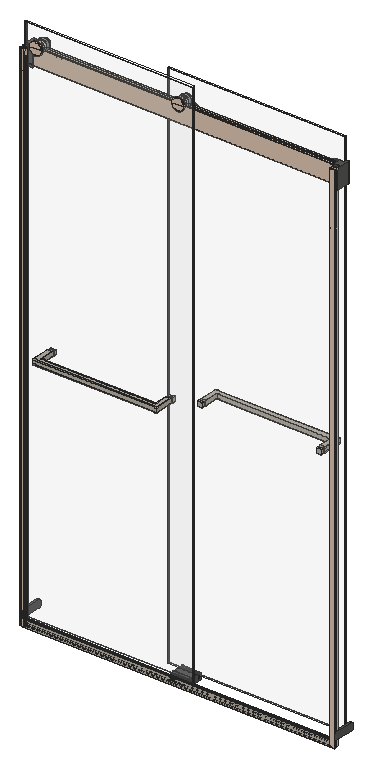
Revit family "Shower-Shower_Door-KOHLER-Levity-K-706017_1", category Specialty Equipment, host Face, Revit 2021 (continued)
Definition of nested family "K-706017"
  Dimensions and locks
    locked: Masking region 5 sketch curve to plane 18 "Slider3" at 86.807
    locked: plane 34 to plane 28 at 683.56
    locked: Masking region 5 sketch curve to Masking region 5 sketch curve at 19
    locked: Masking region 5 sketch curve to Masking region 5 sketch curve at 19.299
    plane 8 to Extrusion 10 to Masking region 4 sketch curve = 22.16345" locked, 2.77671" locked
    locked: Masking region 4 sketch curve to Masking region 4 sketch curve at 19.84
    locked: plane 40 to level at 26.466
    plane 12 to level = 81.65709"
    locked: plane 12 to plane 15 "B" at 71.258
    locked: plane 12 to plane 37 at 82.383
    locked: plane 12 to plane 14 at 88
    locked: plane 12 to plane 29 at 125.468
    locked: plane 12 to plane 13 at 153
    locked: plane 12 to plane 38 at 84.882
    aligned and locked: plane 2 to level
    aligned and locked: plane 28 to Extrusion 3
    aligned and locked: Revolve 7 sketch curve to plane 16 "Slider1"
    aligned and locked: plane 16 "Slider1" to Revolve 7 sketch curve
    aligned and locked: plane 17 "Slider2" to Revolve 8 sketch curve
    aligned and locked: Revolve 8 sketch curve to plane 17 "Slider2"
    aligned and locked: plane 28 to Extrusion 9
    aligned and locked: plane 7 to Extrusion 14 sketch curve  (x2)
    aligned and locked: Extrusion 15 sketch curve to plane 7
    aligned and locked: plane 7 to Extrusion 16 sketch curve
    aligned and locked: Extrusion 17 to plane 7
    aligned and locked: Extrusion 17 to plane 28
    aligned and locked: Masking region 2 sketch curve to plane 3 "Center (Left/Right)"
    aligned and locked: Masking region 2 sketch curve to plane 28  (x2)
    aligned and locked: Masking region 2 sketch curve to plane 7
    aligned and locked: Masking region 4 sketch curve to plane 7
    aligned and locked: plane 28 to Extrusion 19
    aligned and locked: Extrusion 19 to plane 32
    aligned and locked: Extrusion 20 to plane 32
    aligned and locked: plane 28 to Extrusion 20
    aligned and locked: Sweep 21 sketch curve to plane 22
    aligned and locked: Sweep 22 sketch curve to plane 27
    aligned and locked: Sweep 22 sketch curve to plane 26
    aligned and locked: plane 33 to Sweep 22 sketch curve
    aligned and locked: Masking region 5 sketch curve to Masking region 5 sketch curve  (x4)
    aligned and locked: plane 21 to Extrusion 24 sketch curve
    aligned and locked: plane 19 "Slider4" to Extrusion 24 sketch curve
    aligned and locked: Extrusion 18 to plane 37
    aligned and locked: Extrusion 2 to Extrusion 4
    aligned and locked: Extrusion 1 to plane 38
    aligned and locked: plane 38 to Extrusion 2
    aligned and locked: cut or joined group of Extrusion 14, Extrusion 15 to plane 37
  Automatic sketch dimensions
    plane 8 to Extrusion 1 sketch curve = 0.00797"
    Extrusion 1 sketch curve to Extrusion 1 sketch curve = 0.00029"
    Extrusion 1 sketch curve to Extrusion 1 sketch curve = 0.00617"
    Extrusion 1 sketch curve to Extrusion 1 sketch curve = 0.00645"
    Extrusion 1 sketch curve to Extrusion 1 sketch curve = 0.03863"
    Extrusion 1 sketch curve to Extrusion 1 sketch curve = 0.01479"
    Extrusion 1 sketch curve to Extrusion 1 sketch curve = 0.00249"
    Extrusion 1 sketch curve to Extrusion 1 sketch curve = 0.058"
    Extrusion 1 sketch curve to Extrusion 1 sketch curve = 0.0005"
    Extrusion 1 sketch curve to Extrusion 1 sketch curve = 0.11393"
    Extrusion 1 sketch curve to Extrusion 1 sketch curve = 0.11787"
    Extrusion 1 sketch curve to Extrusion 1 sketch curve = 0.02161"
    Extrusion 1 sketch curve to Extrusion 1 sketch curve = 0.01991"
    Extrusion 1 sketch curve to Extrusion 1 sketch curve = 0.02226"
    Extrusion 1 sketch curve to Extrusion 1 sketch curve = 0.06241"
    Extrusion 1 sketch curve to Extrusion 1 sketch curve = 0.06335"  (x2)
    Extrusion 1 sketch curve to Extrusion 1 sketch curve = 0.00062"
    Extrusion 1 sketch curve to Extrusion 1 sketch curve = 0.00011"
    Extrusion 1 sketch curve to Extrusion 1 sketch curve = 0.02239"  (x2)
    plane 1 "Center (Front/Back)" to Extrusion 1 sketch curve = 0.35872"
    Extrusion 1 sketch curve to Extrusion 1 sketch curve = 0.11246"
    Extrusion 1 sketch curve to Extrusion 1 sketch curve = 0.13589"
    Extrusion 1 sketch curve to Extrusion 1 sketch curve = 0.04857"
    Extrusion 1 sketch curve to Extrusion 1 sketch curve = 0.04984"
    Extrusion 1 sketch curve to Extrusion 1 sketch curve = 0.00647"
    plane 1 "Center (Front/Back)" to Extrusion 1 sketch curve = 0.38494"
    Extrusion 1 sketch curve to Extrusion 1 sketch curve = 0.00638"
    plane 1 "Center (Front/Back)" to Extrusion 1 sketch curve = 0.30462"
    Extrusion 1 sketch curve to Extrusion 1 sketch curve = 0.12288"
    Extrusion 1 sketch curve to Extrusion 1 sketch curve = 0.00238"
    Extrusion 1 sketch curve to Extrusion 1 sketch curve = 0.12684"
    Extrusion 1 sketch curve to Extrusion 1 sketch curve = 0.00269"
    Extrusion 1 sketch curve to Extrusion 1 sketch curve = 0.01419"
    Extrusion 1 sketch curve to Extrusion 1 sketch curve = 0.00678"
    Extrusion 1 sketch curve to Extrusion 1 sketch curve = 0.05475"
    Extrusion 1 sketch curve to Extrusion 1 sketch curve = 0.05479"
    Extrusion 1 sketch curve to Extrusion 1 sketch curve = 0.02879"
    Extrusion 1 sketch curve to Extrusion 1 sketch curve = 0.00618"
    Extrusion 1 sketch curve to Extrusion 1 sketch curve = 0.36788"
    Extrusion 1 sketch curve to Extrusion 1 sketch curve = 0.02011"
    Extrusion 1 sketch curve to Extrusion 1 sketch curve = 0.00895"
    Extrusion 1 sketch curve to Extrusion 1 sketch curve = 0.00195"
    Extrusion 1 sketch curve to Extrusion 1 sketch curve = 0.01471"
    Extrusion 1 sketch curve to Extrusion 1 sketch curve = 0.01476"
    Extrusion 1 sketch curve to Extrusion 1 sketch curve = 0.02476"
    Extrusion 1 sketch curve to Extrusion 1 sketch curve = 0.05487"
    Extrusion 1 sketch curve to Extrusion 1 sketch curve = 0.01045"
    Extrusion 1 sketch curve to Extrusion 1 sketch curve = 0.01877"
    Extrusion 1 sketch curve to Extrusion 1 sketch curve = 0.01407"
    Extrusion 1 sketch curve to Extrusion 1 sketch curve = 0.02954"
    Extrusion 1 sketch curve to Extrusion 1 sketch curve = 0.05501"
    Extrusion 1 sketch curve to Extrusion 1 sketch curve = 0.01697"
    plane 8 to Extrusion 2 sketch curve = 0.00038"
    Extrusion 2 sketch curve to Extrusion 2 sketch curve = 0.03834"
    Extrusion 2 sketch curve to Extrusion 2 sketch curve = 0.0385"
    Extrusion 2 sketch curve to Extrusion 2 sketch curve = 0.00103"
    Extrusion 2 sketch curve to Extrusion 2 sketch curve = 0.03938"
    Extrusion 2 sketch curve to Extrusion 2 sketch curve = 0.60391"
    Extrusion 2 sketch curve to Extrusion 2 sketch curve = 0.00238"
    Extrusion 2 sketch curve to Extrusion 2 sketch curve = 0.00153"
    Extrusion 2 sketch curve to Extrusion 2 sketch curve = 0.00269"
    Extrusion 2 sketch curve to Extrusion 2 sketch curve = 0.10277"
    plane 1 "Center (Front/Back)" to Extrusion 2 sketch curve = 0.93567"
    Extrusion 2 sketch curve to Extrusion 2 sketch curve = 0.01593"
    Extrusion 2 sketch curve to Extrusion 2 sketch curve = 0.42135"
    Extrusion 2 sketch curve to Extrusion 2 sketch curve = 0.52294"
    Extrusion 3 sketch curve to level = 0"  (x2)
    Extrusion 3 sketch curve to level = 0.42599"
    plane 5 "X" to Extrusion 3 sketch curve = 1.87835"
    Extrusion 3 sketch curve to Extrusion 3 sketch curve = 0.02675"
    Extrusion 3 sketch curve to Extrusion 3 sketch curve = 0.0293"
    Extrusion 3 sketch curve to level = 0.01209"
    Extrusion 3 sketch curve to Extrusion 3 sketch curve = 0.02658"
    Extrusion 3 sketch curve to Extrusion 3 sketch curve = 0.0509"
    Extrusion 3 sketch curve to Extrusion 3 sketch curve = 0.00248"
    Extrusion 3 sketch curve to Extrusion 3 sketch curve = 0.00712"
    level to Extrusion 3 sketch curve = 0.01882"
    Extrusion 3 sketch curve to Extrusion 3 sketch curve = 0.04012"
    Extrusion 3 sketch curve to Extrusion 3 sketch curve = 0.01257"
    Extrusion 3 sketch curve to Extrusion 3 sketch curve = 0.02457"
    Extrusion 3 sketch curve to Extrusion 3 sketch curve = 0.07255"
    Extrusion 3 sketch curve to Extrusion 3 sketch curve = 0.04894"
    Extrusion 3 sketch curve to Extrusion 3 sketch curve = 0.08606"
    Extrusion 3 sketch curve to Extrusion 3 sketch curve = 0.04991"
    level to Extrusion 3 sketch curve = 0.04325"
    Extrusion 3 sketch curve to Extrusion 3 sketch curve = 0.07661"
    Extrusion 3 sketch curve to Extrusion 3 sketch curve = 0.10128"
    Extrusion 3 sketch curve to Extrusion 3 sketch curve = 0.00383"
    Extrusion 3 sketch curve to Extrusion 3 sketch curve = 0.01042"
    Extrusion 3 sketch curve to Extrusion 3 sketch curve = 0.05374"
    Extrusion 3 sketch curve to Extrusion 3 sketch curve = 0.00009"
    level to Extrusion 3 sketch curve = 0.01948"
    Extrusion 3 sketch curve to Extrusion 3 sketch curve = 0.03247"
    Extrusion 3 sketch curve to Extrusion 3 sketch curve = 0.06391"
    Extrusion 3 sketch curve to Extrusion 3 sketch curve = 0.0874"
    Extrusion 3 sketch curve to Extrusion 3 sketch curve = 0.00146"  (x2)
    level to Extrusion 3 sketch curve = 0.43167"
    Extrusion 3 sketch curve to Extrusion 3 sketch curve = 0.0183"
    Extrusion 3 sketch curve to Extrusion 3 sketch curve = 0.09236"
    Extrusion 3 sketch curve to Extrusion 3 sketch curve = 0.00017"
    Extrusion 3 sketch curve to Extrusion 3 sketch curve = 0.00612"
    Extrusion 3 sketch curve to Extrusion 3 sketch curve = 0.03416"
    Extrusion 3 sketch curve to Extrusion 3 sketch curve = 0.00971"
    Extrusion 3 sketch curve to Extrusion 3 sketch curve = 0.11533"
    Extrusion 3 sketch curve to Extrusion 3 sketch curve = 0.05488"
    level to Extrusion 3 sketch curve = 0.30194"
    Extrusion 3 sketch curve to Extrusion 3 sketch curve = 0.02299"
    Extrusion 3 sketch curve to Extrusion 3 sketch curve = 0.03031"
    Extrusion 3 sketch curve to Extrusion 3 sketch curve = 0.02854"
    level to Extrusion 3 sketch curve = 0.07617"
    Extrusion 3 sketch curve to Extrusion 3 sketch curve = 0.32298"
    Extrusion 3 sketch curve to Extrusion 3 sketch curve = 0.02136"
    Extrusion 3 sketch curve to Extrusion 3 sketch curve = 0.12996"
    Extrusion 3 sketch curve to Extrusion 3 sketch curve = 0.04273"
    Extrusion 3 sketch curve to Extrusion 3 sketch curve = 0.07691"
    Extrusion 3 sketch curve to Extrusion 3 sketch curve = 0.01585"
    Extrusion 3 sketch curve to Extrusion 3 sketch curve = 0.05121"
    Extrusion 3 sketch curve to Extrusion 3 sketch curve = 0.01069"
    Extrusion 3 sketch curve to Extrusion 3 sketch curve = 0.0014"
    Extrusion 3 sketch curve to Extrusion 3 sketch curve = 0.01314"
    Extrusion 3 sketch curve to Extrusion 3 sketch curve = 0.10024"
    Extrusion 3 sketch curve to Extrusion 3 sketch curve = 0.00018"
    Extrusion 3 sketch curve to Extrusion 3 sketch curve = 0.00078"
    Extrusion 3 sketch curve to Extrusion 3 sketch curve = 0.37921"
    Extrusion 3 sketch curve to Extrusion 3 sketch curve = 0.00381"  (x2)
    Extrusion 3 sketch curve to Extrusion 3 sketch curve = 0.05211"
    Extrusion 3 sketch curve to Extrusion 3 sketch curve = 0.00122"
    Extrusion 3 sketch curve to Extrusion 3 sketch curve = 0.04301"
    Extrusion 3 sketch curve to Extrusion 3 sketch curve = 0.03323"
    Extrusion 3 sketch curve to Extrusion 3 sketch curve = 0.01823"
    Extrusion 3 sketch curve to Extrusion 3 sketch curve = 0.01301"
    Extrusion 3 sketch curve to Extrusion 3 sketch curve = 0.00265"
    Extrusion 3 sketch curve to Extrusion 3 sketch curve = 0.01922"
    Extrusion 3 sketch curve to Extrusion 3 sketch curve = 0.01632"
    Extrusion 3 sketch curve to Extrusion 3 sketch curve = 0.01145"
    Extrusion 3 sketch curve to Extrusion 3 sketch curve = 0"  (x4)
    level to Extrusion 3 sketch curve = 0.06217"
    Extrusion 3 sketch curve to Extrusion 3 sketch curve = 0.03392"
    plane 1 "Center (Front/Back)" to Extrusion 5 sketch curve = 0.8798"
    Extrusion 5 sketch curve to plane 4 = 2.09168"
    Extrusion 5 sketch curve to plane 4 = 2.09154"
    Extrusion 5 sketch curve to Extrusion 5 sketch curve = 1/4"
    level to Extrusion 5 sketch curve = 1.05703"
    level to Extrusion 5 sketch curve = 1.88106"
    plane 5 "X" to Extrusion 9 sketch curve = 3.08635"
    Extrusion 9 sketch curve to Extrusion 9 sketch curve = 0.01963"
    Extrusion 9 sketch curve to Extrusion 9 sketch curve = 0.02424"
    Extrusion 9 sketch curve to Extrusion 9 sketch curve = 0.04665"
    Extrusion 9 sketch curve to Extrusion 9 sketch curve = 0.05546"
    Extrusion 9 sketch curve to plane 14 = 0.11021"
    Extrusion 9 sketch curve to Extrusion 9 sketch curve = 0.02001"
    Extrusion 9 sketch curve to Extrusion 9 sketch curve = 0.03466"
    Extrusion 9 sketch curve to Extrusion 9 sketch curve = 0.02183"
    Extrusion 9 sketch curve to Extrusion 9 sketch curve = 0.00923"
    Extrusion 9 sketch curve to Extrusion 9 sketch curve = 0.14228"
    Extrusion 9 sketch curve to Extrusion 9 sketch curve = 0.01647"
    Extrusion 9 sketch curve to Extrusion 9 sketch curve = 0.03021"
    Extrusion 9 sketch curve to Extrusion 9 sketch curve = 0.07613"
    Extrusion 9 sketch curve to Extrusion 9 sketch curve = 0.06043"
    Extrusion 9 sketch curve to Extrusion 9 sketch curve = 0.02423"
    Extrusion 9 sketch curve to Extrusion 9 sketch curve = 0.06315"
    Extrusion 9 sketch curve to Extrusion 9 sketch curve = 0.09811"
    Extrusion 9 sketch curve to Extrusion 9 sketch curve = 0.04085"
    Extrusion 9 sketch curve to Extrusion 9 sketch curve = 0.14738"
    Extrusion 9 sketch curve to Extrusion 9 sketch curve = 0.00728"
    Extrusion 9 sketch curve to Extrusion 9 sketch curve = 0.10724"
    Extrusion 9 sketch curve to Extrusion 9 sketch curve = 0.01723"
    Extrusion 9 sketch curve to Extrusion 9 sketch curve = 0.01638"  (x2)
    plane 13 to Extrusion 9 sketch curve = 0.31532"
    Extrusion 9 sketch curve to Extrusion 9 sketch curve = 0.00718"
    Extrusion 9 sketch curve to Extrusion 9 sketch curve = 0.08365"
    Extrusion 9 sketch curve to Extrusion 9 sketch curve = 35/256"
    Extrusion 9 sketch curve to Extrusion 9 sketch curve = 0.16877"
    Extrusion 9 sketch curve to Extrusion 9 sketch curve = 1/32"
    Extrusion 9 sketch curve to Extrusion 9 sketch curve = 0.06903"
    Extrusion 9 sketch curve to Extrusion 9 sketch curve = 0.00548"
    Extrusion 9 sketch curve to Extrusion 9 sketch curve = 0.03456"
    Extrusion 9 sketch curve to Extrusion 9 sketch curve = 0.02189"
    Extrusion 9 sketch curve to Extrusion 9 sketch curve = 0.00191"
    Extrusion 9 sketch curve to Extrusion 9 sketch curve = 0.02463"
    Extrusion 9 sketch curve to Extrusion 9 sketch curve = 0.04453"
    Extrusion 9 sketch curve to Extrusion 9 sketch curve = 0.01516"
    Extrusion 9 sketch curve to Extrusion 9 sketch curve = 0.00216"
    Extrusion 9 sketch curve to Extrusion 9 sketch curve = 0.00189"
    Extrusion 9 sketch curve to Extrusion 9 sketch curve = 0.02483"
    Extrusion 9 sketch curve to Extrusion 9 sketch curve = 0.05772"
    Extrusion 9 sketch curve to Extrusion 9 sketch curve = 0.19043"
    Extrusion 9 sketch curve to Extrusion 9 sketch curve = 0.01553"
    Extrusion 9 sketch curve to Extrusion 9 sketch curve = 0.09702"
    plane 5 "X" to Extrusion 9 sketch curve = 3.98354"
    Extrusion 9 sketch curve to Extrusion 9 sketch curve = 0.04256"
    Extrusion 9 sketch curve to Extrusion 9 sketch curve = 0.08846"
    Extrusion 9 sketch curve to Extrusion 9 sketch curve = 0.04951"
    Extrusion 9 sketch curve to Extrusion 9 sketch curve = 0.08607"
    Extrusion 9 sketch curve to Extrusion 9 sketch curve = 0.05687"
    Extrusion 9 sketch curve to Extrusion 9 sketch curve = 0.08904"
    Extrusion 9 sketch curve to Extrusion 9 sketch curve = 0.08249"
    Extrusion 9 sketch curve to Extrusion 9 sketch curve = 0.05633"
    plane 13 to Extrusion 9 sketch curve = 0.31962"
    Extrusion 9 sketch curve to Extrusion 9 sketch curve = 0.00568"
    Extrusion 9 sketch curve to Extrusion 9 sketch curve = 0.38322"
    Extrusion 9 sketch curve to Extrusion 9 sketch curve = 0.09241"
    Extrusion 9 sketch curve to Extrusion 9 sketch curve = 0"
    Extrusion 9 sketch curve to Extrusion 9 sketch curve = 0.01363"
    Extrusion 9 sketch curve to Extrusion 9 sketch curve = 0.0686"
    Extrusion 9 sketch curve to Extrusion 9 sketch curve = 0.06318"
    Extrusion 9 sketch curve to Extrusion 9 sketch curve = 0.04057"
    Extrusion 9 sketch curve to Extrusion 9 sketch curve = 0.05917"
    Extrusion 9 sketch curve to Extrusion 9 sketch curve = 0.05593"
    Extrusion 9 sketch curve to Extrusion 9 sketch curve = 0.11979"
    Extrusion 9 sketch curve to Extrusion 9 sketch curve = 0.00996"
    Extrusion 9 sketch curve to Extrusion 9 sketch curve = 0.01379"
    Extrusion 9 sketch curve to Extrusion 9 sketch curve = 0.0623"
    Extrusion 9 sketch curve to Extrusion 9 sketch curve = 0.12838"
    Extrusion 9 sketch curve to Extrusion 9 sketch curve = 0.03214"
    Extrusion 9 sketch curve to Extrusion 9 sketch curve = 1/256"
    Extrusion 9 sketch curve to Extrusion 9 sketch curve = 0.0462"
    Extrusion 9 sketch curve to Extrusion 9 sketch curve = 0.06479"
    Extrusion 9 sketch curve to Extrusion 9 sketch curve = 0.03783"
    Extrusion 9 sketch curve to Extrusion 9 sketch curve = 0.05916"
    Extrusion 9 sketch curve to Extrusion 9 sketch curve = 0.02232"
    plane 5 "X" to Extrusion 10 sketch curve = 2.18199"
    Extrusion 10 sketch curve to Extrusion 10 sketch curve = 0.0767"
    Extrusion 10 sketch curve to Extrusion 10 sketch curve = 0.02056"
    Extrusion 10 sketch curve to Extrusion 10 sketch curve = 0.02408"
    plane 5 "X" to Extrusion 10 sketch curve = 2.30904"
    Extrusion 10 sketch curve to Extrusion 10 sketch curve = 0.03427"
    level to Extrusion 10 sketch curve = 0.15967"
    Extrusion 10 sketch curve to Extrusion 10 sketch curve = 0.30872"
    Extrusion 10 sketch curve to Extrusion 10 sketch curve = 0.03183"
    Extrusion 10 sketch curve to Extrusion 10 sketch curve = 0.05334"
    Extrusion 10 sketch curve to Extrusion 10 sketch curve = 0.34849"
    Extrusion 10 sketch curve to Extrusion 10 sketch curve = 0.02193"  (x2)
    level to Extrusion 10 sketch curve = 0.22694"
    Extrusion 10 sketch curve to Extrusion 10 sketch curve = 0.05176"
    Extrusion 10 sketch curve to Extrusion 10 sketch curve = 0.08972"
    level to Extrusion 10 sketch curve = 0.13878"
    Extrusion 10 sketch curve to Extrusion 10 sketch curve = 0.19027"
    level to Extrusion 10 sketch curve = 0.21622"
    Extrusion 10 sketch curve to Extrusion 10 sketch curve = 0.0816"
    Extrusion 10 sketch curve to Extrusion 10 sketch curve = 0.41652"
    Extrusion 10 sketch curve to Extrusion 10 sketch curve = 0.05027"
    Extrusion 10 sketch curve to Extrusion 10 sketch curve = 0.03646"
    plane 5 "X" to Extrusion 10 sketch curve = 3.24368"
    Extrusion 10 sketch curve to plane 1 "Center (Front/Back)" = 1.42385"
    Extrusion 10 sketch curve to Extrusion 10 sketch curve = 0.02731"
    Extrusion 10 sketch curve to Extrusion 10 sketch curve = 0.04913"
    Extrusion 10 sketch curve to Extrusion 10 sketch curve = 0.02106"
    level to Extrusion 10 sketch curve = 0.2198"
    Extrusion 10 sketch curve to plane 1 "Center (Front/Back)" = 1.56381"
    Extrusion 10 sketch curve to Extrusion 10 sketch curve = 0.08411"
    Extrusion 10 sketch curve to Extrusion 10 sketch curve = 0.19426"
    Extrusion 10 sketch curve to Extrusion 10 sketch curve = 0.08188"
    Extrusion 10 sketch curve to plane 1 "Center (Front/Back)" = 1.93836"
    Extrusion 10 sketch curve to Extrusion 10 sketch curve = 0.02637"
    Extrusion 10 sketch curve to plane 1 "Center (Front/Back)" = 2 23/256"
    Extrusion 10 sketch curve to Extrusion 10 sketch curve = 0.02645"
    Extrusion 10 sketch curve to level = 0"
    Extrusion 10 sketch curve to plane 1 "Center (Front/Back)" = 2.17082"
    level to Extrusion 10 sketch curve = 0.0926"
    level to Extrusion 10 sketch curve = 0.13999"
    Extrusion 10 sketch curve to Extrusion 10 sketch curve = 0.08047"
    Extrusion 10 sketch curve to Extrusion 10 sketch curve = 0.1279"
    Extrusion 10 sketch curve to Extrusion 10 sketch curve = 0.00854"
    Extrusion 10 sketch curve to Extrusion 10 sketch curve = 0.02484"
    Extrusion 10 sketch curve to Extrusion 10 sketch curve = 0.0289"
    Extrusion 10 sketch curve to Extrusion 10 sketch curve = 0.53755"
    Extrusion 10 sketch curve to Extrusion 10 sketch curve = 0.00035"
    Extrusion 10 sketch curve to Extrusion 10 sketch curve = 0.14019"
    Extrusion 10 sketch curve to Extrusion 10 sketch curve = 0.80916"
    Extrusion 10 sketch curve to Extrusion 10 sketch curve = 0.0011"
    Extrusion 10 sketch curve to Extrusion 10 sketch curve = 0.01903"
    Extrusion 10 sketch curve to Extrusion 10 sketch curve = 0.00889"
    Extrusion 10 sketch curve to Extrusion 10 sketch curve = 0.00011"
    Extrusion 10 sketch curve to Extrusion 10 sketch curve = 0.00046"
    Extrusion 10 sketch curve to Extrusion 10 sketch curve = 3.15459"
    Extrusion 10 sketch curve to Extrusion 10 sketch curve = 0.02757"
    Extrusion 15 sketch curve to plane 6 = 0.08991"
    plane 1 "Center (Front/Back)" to Extrusion 15 sketch curve = 0.2995"
    Extrusion 15 sketch curve to Extrusion 15 sketch curve = 0.6327"
    Extrusion 15 sketch curve to plane 6 = 0"
    Extrusion 15 sketch curve to Extrusion 15 sketch curve = 0.08976"
    plane 1 "Center (Front/Back)" to Extrusion 17 sketch curve = 0.8798"
    level to Extrusion 17 sketch curve = 1.05703"
    Extrusion 17 sketch curve to plane 4 = 2.09168"
    Extrusion 17 sketch curve to Extrusion 17 sketch curve = 0.00013"
    Extrusion 17 sketch curve to Extrusion 17 sketch curve = 1/4"
    Extrusion 17 sketch curve to Extrusion 17 sketch curve = 0.57403"
    Masking region 2 sketch curve to plane 12 = 0"
    plane 14 to Masking region 2 sketch curve = 0.21256"
    level to Masking region 2 sketch curve = 0.07617"
    Masking region 2 sketch curve to level = 0"
    Masking region 2 sketch curve to Masking region 2 sketch curve = 0.2874"
    Masking region 2 sketch curve to Masking region 2 sketch curve = 0.96579"
    plane 8 to Masking region 2 sketch curve = 0.46482"
    Masking region 2 sketch curve to Masking region 2 sketch curve = 0.07617"
    Masking region 1 sketch curve to plane 3 "Center (Left/Right)" = 0"
    Masking region 1 sketch curve to plane 12 = 0"
    Masking region 1 sketch curve to plane 8 = 0"
    plane 8 to Masking region 1 sketch curve = 0.75222"
    plane 8 to Masking region 1 sketch curve = 0.30138"
    plane 14 to Masking region 1 sketch curve = 0.22113"
    level to Masking region 1 sketch curve = 1.04196"
    level to Masking region 1 sketch curve = 0.07617"
    Extrusion 14 sketch curve to plane 6 = 0"
    Extrusion 14 sketch curve to plane 6 = 0.08991"
    Extrusion 14 sketch curve to Extrusion 14 sketch curve = 0.08976"
    Extrusion 14 sketch curve to Extrusion 14 sketch curve = 0.02506"
    plane 1 "Center (Front/Back)" to Extrusion 14 sketch curve = 0.2995"
    Extrusion 14 sketch curve to Extrusion 14 sketch curve = 0.01117"
    Extrusion 14 sketch curve to Extrusion 14 sketch curve = 0.45303"
    Extrusion 14 sketch curve to Extrusion 14 sketch curve = 0.07874"
    plane 8 to Extrusion 18 sketch curve = 0.75178"
    plane 8 to Extrusion 18 sketch curve = 0"
    plane 1 "Center (Front/Back)" to Extrusion 18 sketch curve = 0.29537"
    Extrusion 18 sketch curve to Extrusion 18 sketch curve = 0.63321"
    Extrusion 19 sketch curve to level = 0"
    level to Extrusion 19 sketch curve = 0.07617"
    Extrusion 19 sketch curve to Extrusion 19 sketch curve = 1.04196"
    plane 1 "Center (Front/Back)" to Extrusion 19 sketch curve = 0.13441"
    Extrusion 19 sketch curve to Extrusion 19 sketch curve = 0.29353"
    Extrusion 19 sketch curve to Extrusion 19 sketch curve = 0.3995"
    Extrusion 20 sketch curve to plane 13 = 0"
    Extrusion 20 sketch curve to plane 14 = 0"
    Extrusion 20 sketch curve to plane 1 "Center (Front/Back)" = 1.29674"
    Extrusion 20 sketch curve to plane 1 "Center (Front/Back)" = 0.35381"
    Extrusion 23 sketch curve to plane 22 = 0.39503"
    plane 23 to Extrusion 23 sketch curve = 0.30616"
    Extrusion 23 sketch curve to plane 1 "Center (Front/Back)" = 0.09791"
    plane 1 "Center (Front/Back)" to Extrusion 23 sketch curve = 0.28309"
    plane 31 to Extrusion 24 sketch curve = 0.12131"
    Extrusion 24 sketch curve to plane 31 = 0.25969"
    plane 29 to Revolve 12 sketch curve = 0"  (x2)
    Revolve 12 sketch curve to plane 29 = 0.09308"
    Revolve 12 sketch curve to plane 29 = 0.52573"
    Revolve 12 sketch curve to Revolve 12 sketch curve = 0.02173"
    Revolve 12 sketch curve to Revolve 12 sketch curve = 0.12189"
    Revolve 12 sketch curve to Revolve 12 sketch curve = 0.56604"
    Revolve 12 sketch curve to Revolve 12 sketch curve = 0.02902"
    Revolve 12 sketch curve to Revolve 12 sketch curve = 0.03311"
    plane 31 to Revolve 12 sketch curve = 0.12131"
    Revolve 12 sketch curve to Revolve 12 sketch curve = 0.16338"
    Revolve 12 sketch curve to Revolve 12 sketch curve = 0.03346"
    Revolve 12 sketch curve to Revolve 12 sketch curve = 0.03455"
    Revolve 12 sketch curve to plane 30 = 0.14309"
    Revolve 12 sketch curve to Revolve 12 sketch curve = 0.23502"
    Revolve 12 sketch curve to Revolve 12 sketch curve = 0.00185"
    Revolve 12 sketch curve to plane 30 = 0.18463"
    Revolve 12 sketch curve to Revolve 12 sketch curve = 0.04153"
    Revolve 12 sketch curve to Revolve 12 sketch curve = 0.12599"
    Revolve 12 sketch curve to Revolve 12 sketch curve = 0.03969"
    Revolve 12 sketch curve to plane 31 = 0.25969"
    Revolve 12 sketch curve to Revolve 12 sketch curve = 0.19059"
    Revolve 12 sketch curve to Revolve 12 sketch curve = 0.12547"
    Revolve 12 sketch curve to Revolve 12 sketch curve = 0.18787"
    Revolve 12 sketch curve to Revolve 12 sketch curve = 0.28233"
    Revolve 12 sketch curve to Revolve 12 sketch curve = 0.00025"
    Revolve 12 sketch curve to Revolve 12 sketch curve = 0.03112"
    plane 30 to Revolve 12 sketch curve = 0.04386"
    Revolve 12 sketch curve to Revolve 12 sketch curve = 0.51082"
    plane 29 to Revolve 11 sketch curve = 0"  (x2)
    Revolve 11 sketch curve to plane 29 = 0.09308"
    Revolve 11 sketch curve to plane 29 = 0.52573"
    Revolve 11 sketch curve to Revolve 11 sketch curve = 0.02173"
    Revolve 11 sketch curve to Revolve 11 sketch curve = 0.12189"
    Revolve 11 sketch curve to Revolve 11 sketch curve = 0.56604"
    Revolve 11 sketch curve to Revolve 11 sketch curve = 0.02902"
    Revolve 11 sketch curve to Revolve 11 sketch curve = 0.18402"
    Revolve 11 sketch curve to Revolve 11 sketch curve = 0.16338"
    Revolve 11 sketch curve to Revolve 11 sketch curve = 0.03455"
    Revolve 11 sketch curve to Revolve 11 sketch curve = 0.03346"
    Revolve 11 sketch curve to plane 30 = 0.14309"
    Revolve 11 sketch curve to Revolve 11 sketch curve = 0.23502"
    Revolve 11 sketch curve to Revolve 11 sketch curve = 0.00185"
    Revolve 11 sketch curve to plane 30 = 0.18463"
    Revolve 11 sketch curve to Revolve 11 sketch curve = 0.04153"
    Revolve 11 sketch curve to Revolve 11 sketch curve = 0.12599"
    Revolve 11 sketch curve to Revolve 11 sketch curve = 0.03969"
    Revolve 11 sketch curve to plane 31 = 0.25969"
    plane 31 to Revolve 11 sketch curve = 0.12131"
    Revolve 11 sketch curve to Revolve 11 sketch curve = 0.19059"
    Revolve 11 sketch curve to Revolve 11 sketch curve = 0.12547"
    Revolve 11 sketch curve to Revolve 11 sketch curve = 0.18787"
    Revolve 11 sketch curve to Revolve 11 sketch curve = 0.28233"
    Revolve 11 sketch curve to Revolve 11 sketch curve = 0.00025"
    Revolve 11 sketch curve to Revolve 11 sketch curve = 0.03112"
    plane 30 to Revolve 11 sketch curve = 0.04386"
    Revolve 11 sketch curve to Revolve 11 sketch curve = 0.51082"
    plane 31 to Revolve 8 sketch curve = 0.51392"
    Revolve 8 sketch curve to Revolve 8 sketch curve = 0.01143"
    Revolve 8 sketch curve to Revolve 8 sketch curve = 0.03087"
    Revolve 8 sketch curve to Revolve 8 sketch curve = 0.04256"
    Revolve 8 sketch curve to Revolve 8 sketch curve = 0.28258"
    Revolve 8 sketch curve to Revolve 8 sketch curve = 0.18787"  (x2)
    Revolve 8 sketch curve to Revolve 8 sketch curve = 0.12547"
    Revolve 8 sketch curve to plane 1 "Center (Front/Back)" = 0.09791"
    plane 17 "Slider2" to Revolve 8 sketch curve = 0.09308"
    plane 1 "Center (Front/Back)" to Revolve 8 sketch curve = 0.28309"
    Revolve 8 sketch curve to Revolve 8 sketch curve = 0.29368"
    Revolve 8 sketch curve to Revolve 8 sketch curve = 0.03969"
    Revolve 8 sketch curve to Revolve 8 sketch curve = 0.12599"
    Revolve 8 sketch curve to Revolve 8 sketch curve = 0.04153"  (x2)
    plane 17 "Slider2" to Revolve 8 sketch curve = 0.52573"
    Revolve 8 sketch curve to Revolve 8 sketch curve = 0.02173"
    Revolve 8 sketch curve to Revolve 8 sketch curve = 0.54367"
    Revolve 8 sketch curve to Revolve 8 sketch curve = 0.12189"
    Revolve 8 sketch curve to Revolve 8 sketch curve = 0.03311"
    Revolve 8 sketch curve to Revolve 8 sketch curve = 0.16338"
    Revolve 8 sketch curve to Revolve 8 sketch curve = 0.03346"
    Revolve 8 sketch curve to Revolve 8 sketch curve = 0.22969"
    Revolve 8 sketch curve to Revolve 8 sketch curve = 0.00185"
    Revolve 8 sketch curve to Revolve 8 sketch curve = 0.16742"
    Revolve 8 sketch curve to Revolve 8 sketch curve = 0.51082"
    profile plane to Sweep 22 sketch curve = 0.75275"
    Sweep 22 sketch curve to Sweep 22 sketch curve = 0.05"  (x2)
    profile plane to Sweep 22 sketch curve = 0.05275"  (x2)
    profile plane to Sweep 22 sketch curve = 0.00275"
    Sweep 22 sketch curve to plane 11 "A" = 0.37402"
    plane 11 "A" to Sweep 22 sketch curve = 0.32402"
    Sweep 21 sketch curve to profile plane = 0.03031"
    Sweep 21 sketch curve to Sweep 21 sketch curve = 0.05"  (x3)
    Sweep 21 sketch curve to plane 11 "A" = 0.32402"
    Sweep 21 sketch curve to Sweep 21 sketch curve = 0.65"
    plane 11 "A" to Sweep 21 sketch curve = 0.32402"
    Sweep 21 sketch curve to Sweep 21 sketch curve = 0"
    Extrusion 6 sketch curve to plane 1 "Center (Front/Back)" = 0.03791"  (x2)
    Extrusion 6 sketch curve to plane 32 = 0.17545"
    Extrusion 6 sketch curve to Extrusion 6 sketch curve = 0.06"  (x4)
    Extrusion 6 sketch curve to plane 3 "Center (Left/Right)" = 0.07208"  (x2)
    Extrusion 6 sketch curve to plane 3 "Center (Left/Right)" = 0.01208"
    plane 1 "Center (Front/Back)" to Extrusion 6 sketch curve = 0.22309"  (x2)
    Extrusion 13 sketch curve to plane 34 = 0"
    Extrusion 13 sketch curve to plane 28 = 0.09385"
    Extrusion 13 sketch curve to plane 31 = 0.25969"
    Extrusion 13 sketch curve to plane 28 = 0.03385"
    Extrusion 13 sketch curve to Extrusion 13 sketch curve = 0.06"  (x4)
    plane 31 to Extrusion 13 sketch curve = 0.06131"  (x2)
    plane 34 to Extrusion 13 sketch curve = 0.06"  (x2)
    plane 31 to Revolve 7 sketch curve = 0.51392"
    Revolve 7 sketch curve to Revolve 7 sketch curve = 0.01143"
    Revolve 7 sketch curve to Revolve 7 sketch curve = 0.03087"
    Revolve 7 sketch curve to Revolve 7 sketch curve = 0.04256"
    Revolve 7 sketch curve to Revolve 7 sketch curve = 0.28258"
    Revolve 7 sketch curve to Revolve 7 sketch curve = 0.18787"  (x2)
    Revolve 7 sketch curve to Revolve 7 sketch curve = 0.12547"
    Revolve 7 sketch curve to plane 1 "Center (Front/Back)" = 0.09791"
    Revolve 7 sketch curve to plane 36 = 0.1905"
    Revolve 7 sketch curve to Revolve 7 sketch curve = 0.30978"
    Revolve 7 sketch curve to Revolve 7 sketch curve = 0.03969"
    Revolve 7 sketch curve to Revolve 7 sketch curve = 0.12599"
    Revolve 7 sketch curve to Revolve 7 sketch curve = 0.51699"
    plane 16 "Slider1" to Revolve 7 sketch curve = 0.09308"
    plane 16 "Slider1" to Revolve 7 sketch curve = 0.52573"
    Revolve 7 sketch curve to Revolve 7 sketch curve = 0.02173"
    Revolve 7 sketch curve to Revolve 7 sketch curve = 0.12189"
    Revolve 7 sketch curve to Revolve 7 sketch curve = 0.56604"
    Revolve 7 sketch curve to Revolve 7 sketch curve = 0.03311"
    Revolve 7 sketch curve to Revolve 7 sketch curve = 0.16338"
    Revolve 7 sketch curve to Revolve 7 sketch curve = 0.03346"
    Revolve 7 sketch curve to Revolve 7 sketch curve = 0.23502"
    Revolve 7 sketch curve to Revolve 7 sketch curve = 0.00185"
    Revolve 7 sketch curve to Revolve 7 sketch curve = 0.04153"
    Revolve 7 sketch curve to Revolve 7 sketch curve = 0.1828"
    Revolve 7 sketch curve to Revolve 7 sketch curve = 0.32801"
    plane 31 to Sweep 22 sketch curve = 0.41272"  (x2)
    Sweep 21 sketch curve to plane 23 = 0"
    Sweep 21 sketch curve to plane 35 = 0.03085"
    Sweep 21 sketch curve to plane 1 "Center (Front/Back)" = 0.35381"  (x2)
    Extrusion 4 sketch curve to plane 8 = 0"
    plane 8 to Extrusion 4 sketch curve = 0.02216"
    plane 8 to Extrusion 4 sketch curve = 0.0385"
    plane 8 to Extrusion 4 sketch curve = 0.03938"
    Extrusion 4 sketch curve to plane 32 = 0.17873"
    Extrusion 4 sketch curve to Extrusion 4 sketch curve = 0.00076"
    Extrusion 4 sketch curve to plane 32 = 0.16459"
    Extrusion 4 sketch curve to Extrusion 4 sketch curve = 0.00042"
    Extrusion 4 sketch curve to plane 32 = 37/256"
    Extrusion 4 sketch curve to plane 32 = 0.1439"
    Extrusion 4 sketch curve to Extrusion 4 sketch curve = 0.02069"
    Extrusion 4 sketch curve to Extrusion 4 sketch curve = 0.02106"
    Extrusion 4 sketch curve to Extrusion 4 sketch curve = 0.02476"
    Extrusion 4 sketch curve to Extrusion 4 sketch curve = 0.00044"  (x3)
    plane 32 to Extrusion 4 sketch curve = 0.50045"
    plane 32 to Extrusion 4 sketch curve = 0.50047"
    plane 31 to Extrusion 4 sketch curve = 0.25084"
    Extrusion 4 sketch curve to plane 1 "Center (Front/Back)" = 0.2713"
    Extrusion 4 sketch curve to Extrusion 4 sketch curve = 0.0252"
    plane 31 to Extrusion 4 sketch curve = 0.23995"
    Extrusion 4 sketch curve to plane 31 = 0.11015"
    Extrusion 4 sketch curve to plane 31 = 0.11427"
    Extrusion 4 sketch curve to plane 1 "Center (Front/Back)" = 0.26047"
    Extrusion 4 sketch curve to plane 36 = 0.18577"
    Extrusion 4 sketch curve to plane 36 = 0.22549"
    Extrusion 16 sketch curve to Extrusion 16 sketch curve = 0.02858"
    Extrusion 16 sketch curve to Extrusion 16 sketch curve = 0.02874"  (x2)
    Extrusion 16 sketch curve to Extrusion 16 sketch curve = 0.00037"
    plane 28 to Extrusion 16 sketch curve = 0.01857"
    Extrusion 16 sketch curve to plane 28 = 0.01017"
    Extrusion 16 sketch curve to plane 28 = 0.01483"
    Extrusion 16 sketch curve to plane 28 = 0.01521"
    Extrusion 16 sketch curve to plane 28 = 0.03841"
    Extrusion 16 sketch curve to plane 28 = 0.04357"
    Extrusion 16 sketch curve to Extrusion 16 sketch curve = 0.04554"
    Extrusion 16 sketch curve to Extrusion 16 sketch curve = 0.00081"
    plane 6 to Extrusion 16 sketch curve = 0.24018"
    Extrusion 16 sketch curve to Extrusion 16 sketch curve = 0.0005"
    plane 6 to Extrusion 16 sketch curve = 0.24738"
    Extrusion 16 sketch curve to Extrusion 16 sketch curve = 0.00038"
    Extrusion 16 sketch curve to Extrusion 16 sketch curve = 0.02153"
    Extrusion 16 sketch curve to plane 31 = 0.12939"
    Extrusion 16 sketch curve to plane 31 = 0.12535"
    plane 31 to Extrusion 16 sketch curve = 0.20091"
    plane 31 to Extrusion 16 sketch curve = 0.25719"
    Extrusion 16 sketch curve to plane 1 "Center (Front/Back)" = 0.29269"
    Extrusion 16 sketch curve to plane 1 "Center (Front/Back)" = 0.25326"
    Extrusion 16 sketch curve to plane 36 = 0.14755"
    Masking region 4 sketch curve to plane 28 = 0"
    Masking region 4 sketch curve to plane 6 = 0"
    Masking region 4 sketch curve to plane 3 "Center (Left/Right)" = 0"
    Masking region 4 sketch curve to plane 23 = 0"
    Masking region 4 sketch curve to plane 22 = 0"
    Masking region 4 sketch curve to plane 30 = 0"  (x2)
    Masking region 4 sketch curve to plane 8 = 0"
    Masking region 4 sketch curve to plane 35 = 0"
    plane 28 to Masking region 4 sketch curve = 0.00323"
    Masking region 4 sketch curve to plane 28 = 0.01017"
    Masking region 4 sketch curve to plane 28 = 0.03841"
    Masking region 4 sketch curve to Masking region 4 sketch curve = 0.0005"  (x2)
    Masking region 4 sketch curve to plane 28 = 0.04357"
    Masking region 4 sketch curve to Masking region 4 sketch curve = 0.04554"
    Masking region 4 sketch curve to Masking region 4 sketch curve = 0.04635"
    Masking region 4 sketch curve to plane 6 = 0.08976"
    plane 6 to Masking region 4 sketch curve = 0.24018"
    plane 6 to Masking region 4 sketch curve = 0.24738"
    Masking region 4 sketch curve to Masking region 4 sketch curve = 0.00038"
    Masking region 4 sketch curve to Masking region 4 sketch curve = 0.02874"
    Masking region 4 sketch curve to Masking region 4 sketch curve = 0.02153"
    Masking region 4 sketch curve to plane 3 "Center (Left/Right)" = 0.06"
    Masking region 4 sketch curve to plane 3 "Center (Left/Right)" = 0.30491"
    plane 21 to Masking region 4 sketch curve = 0.112"
    Masking region 4 sketch curve to plane 1 "Center (Front/Back)" = 0.09791"  (x4)
    Masking region 4 sketch curve to plane 21 = 0.4061"
    plane 20 to Masking region 4 sketch curve = 0.40531"
    plane 20 to Masking region 4 sketch curve = 0.4029"
    plane 22 to Masking region 4 sketch curve = 0.03031"
    Masking region 4 sketch curve to plane 1 "Center (Front/Back)" = 0.30805"
    Masking region 4 sketch curve to plane 22 = 0.66421"
    Masking region 4 sketch curve to Masking region 4 sketch curve = 0.16338"  (x2)
    plane 16 "Slider1" to Masking region 4 sketch curve = 0.54747"
    plane 32 to Masking region 4 sketch curve = 0.52567"  (x2)
    Masking region 4 sketch curve to plane 1 "Center (Front/Back)" = 0.2713"
    Masking region 4 sketch curve to Masking region 4 sketch curve = 0.02476"
    plane 31 to Masking region 4 sketch curve = 0.25084"
    Masking region 4 sketch curve to Masking region 4 sketch curve = 0.02478"
    Masking region 4 sketch curve to Masking region 4 sketch curve = 0.00044"  (x2)
    plane 32 to Masking region 4 sketch curve = 0.28813"
    Masking region 4 sketch curve to Masking region 4 sketch curve = 0.10428"
    Masking region 4 sketch curve to Masking region 4 sketch curve = 0.00273"
    Masking region 4 sketch curve to plane 32 = 0.11399"  (x2)
    plane 8 to Masking region 4 sketch curve = 0.03975"
    plane 8 to Masking region 4 sketch curve = 0.03872"
    Masking region 4 sketch curve to plane 30 = 0.38094"
    Masking region 4 sketch curve to plane 31 = 0.12555"
    plane 31 to Masking region 4 sketch curve = 0.20091"
    plane 31 to Masking region 4 sketch curve = 0.24011"
    plane 31 to Masking region 4 sketch curve = 0.25719"
    plane 31 to Masking region 4 sketch curve = 0.35134"  (x2)
    Masking region 4 sketch curve to plane 1 "Center (Front/Back)" = 0.35395"
    Masking region 4 sketch curve to plane 1 "Center (Front/Back)" = 0.35381"
    Masking region 4 sketch curve to Masking region 4 sketch curve = 0.25589"  (x2)
    Masking region 4 sketch curve to Masking region 4 sketch curve = 0.04575"
    Masking region 4 sketch curve to Masking region 4 sketch curve = 0.06126"
    Masking region 4 sketch curve to Masking region 4 sketch curve = 0.16266"
    Masking region 4 sketch curve to plane 1 "Center (Front/Back)" = 0.25326"
    Masking region 4 sketch curve to plane 1 "Center (Front/Back)" = 0.03791"
    Masking region 4 sketch curve to plane 36 = 0.0384"
    Masking region 4 sketch curve to plane 36 = 0.73485"  (x3)
    Masking region 4 sketch curve to Masking region 4 sketch curve = 1/256"
    Masking region 4 sketch curve to Masking region 4 sketch curve = 0.01392"
    Masking region 4 sketch curve to Masking region 4 sketch curve = 0.05526"
    Masking region 4 sketch curve to Masking region 4 sketch curve = 0.03936"
    plane 5 "X" to Masking region 4 sketch curve = 0.42908"
    Masking region 4 sketch curve to Masking region 4 sketch curve = 0"
    Masking region 5 sketch curve to plane 26 = 0"  (x2)
    Masking region 5 sketch curve to plane 27 = 0"  (x2)
    plane 33 to Masking region 5 sketch curve = 0"
    Masking region 5 sketch curve to plane 30 = 0.18516"
    plane 26 to Masking region 5 sketch curve = 0.4388"
    Masking region 5 sketch curve to Masking region 5 sketch curve = 0.04022"  (x3)
    Masking region 5 sketch curve to plane 30 = 0.14309"  (x2)
    Masking region 5 sketch curve to Masking region 5 sketch curve = 0.04207"  (x3)
    plane 31 to Masking region 5 sketch curve = 0.12131"  (x4)
    plane 26 to Masking region 5 sketch curve = 0.66416"
    Masking region 5 sketch curve to Masking region 5 sketch curve = 0.23686"  (x2)
    Masking region 5 sketch curve to Masking region 5 sketch curve = 0.16338"  (x4)
    Masking region 5 sketch curve to plane 19 "Slider4" = 0.54747"
    Masking region 5 sketch curve to plane 19 "Slider4" = 0.65912"
    Masking region 5 sketch curve to Masking region 5 sketch curve = 0.23502"
    Masking region 5 sketch curve to Masking region 5 sketch curve = 0.00185"
    Masking region 5 sketch curve to plane 28 = 0.09385"  (x2)
    Masking region 5 sketch curve to plane 28 = 0.03385"
    Masking region 5 sketch curve to plane 25 = 0.37303"  (x2)
    Masking region 5 sketch curve to Masking region 5 sketch curve = 0.03968"  (x4)
    Masking region 5 sketch curve to Masking region 5 sketch curve = 0.04153"  (x4)
    Masking region 5 sketch curve to Masking region 5 sketch curve = 0.27655"
    Masking region 5 sketch curve to plane 30 = 0.3503"
    plane 34 to Masking region 5 sketch curve = 0.06"  (x2)
    Masking region 5 sketch curve to plane 4 = 0.45643"
    Masking region 5 sketch curve to Masking region 5 sketch curve = 0.12492"  (x2)
    Masking region 5 sketch curve to Masking region 5 sketch curve = 0.126"
    Masking region 5 sketch curve to plane 31 = 0.25969"  (x5)
    Masking region 5 sketch curve to Masking region 5 sketch curve = 0.06"  (x3)
    plane 31 to Masking region 5 sketch curve = 0.06131"  (x2)
    Masking region 5 sketch curve to Masking region 5 sketch curve = 0.19059"  (x4)
    Masking region 5 sketch curve to Masking region 5 sketch curve = 0.03944"  (x2)
    Masking region 5 sketch curve to Masking region 5 sketch curve = 0.23003"  (x2)
    curve 97 to plane 7 = 0"
    curve 100 to plane 7 = 0"
    curve 102 to plane 7 = 0"
    curve 116 to plane 6 = 0"
    curve 218 to plane 27 = 0"
    curve 200 to plane 3 "Center (Left/Right)" = 0"
    curve 202 to plane 23 = 0"
    curve 93 to plane 22 = 0"
    curve 81 to plane 16 "Slider1" = 0"
    curve 77 to plane 16 "Slider1" = 0"
    curve 61 to plane 8 = 0"
    curve 56 to plane 8 = 0"
    plane 7 to curve 102 = 0.02858"
    curve 100 to curve 100 = 0.02874"
    curve 100 to curve 99 = 0.00037"
    plane 28 to curve 101 = 0.01857"
    curve 104 to plane 28 = 0.01017"
    curve 97 to plane 6 = 0.08991"
    curve 57 to plane 3 "Center (Left/Right)" = 0.06"
    curve 210 to plane 17 "Slider2" = 0.90798"
    curve 211 to curve 212 = 0.03969"
    curve 210 to curve 210 = 0.04153"
    curve 190 to plane 17 "Slider2" = 0.7443"
    curve 189 to curve 190 = 0"
    curve 192 to curve 196 = 0.03346"
    curve 189 to curve 198 = 0.03455"
    curve 185 to curve 185 = 0.02857"
    curve 186 to curve 184 = 0.03554"
    curve 198 to curve 192 = 0.19136"
    plane 17 "Slider2" to curve 191 = 0.52461"
    curve 191 to curve 184 = 0.1189"
    curve 184 to curve 187 = 0.03918"
    curve 188 to curve 183 = 0.02706"  (x2)
    curve 191 to curve 193 = 0.18623"
    curve 193 to curve 190 = 0.03346"
    curve 183 to curve 189 = 0.03455"
    plane 23 to curve 209 = 0.50855"
    curve 208 to curve 206 = 0.00185"
    curve 205 to curve 206 = 0.03969"
    curve 70 to plane 22 = 0.43938"
    curve 70 to curve 71 = 0.03969"
    curve 69 to curve 69 = 0.04153"
    curve 84 to plane 22 = 0.63075"
    curve 85 to curve 86 = 0"
    curve 86 to curve 88 = 0.03455"
    curve 87 to curve 88 = 0.03325"
    curve 88 to curve 89 = 0.02897"
    curve 86 to curve 83 = 0.19684"
    curve 83 to curve 86 = 0.01997"
    plane 16 "Slider1" to curve 78 = 0.5275"
    curve 78 to curve 75 = 0.01997"
    curve 78 to curve 81 = 0.12004"
    curve 82 to curve 80 = 0.02897"
    curve 80 to curve 79 = 0.03325"
    curve 79 to curve 77 = 0.03455"
    curve 75 to curve 76 = 0.19684"
    plane 16 "Slider1" to curve 63 = 0.89414"
    curve 63 to curve 67 = 0.00185"
    curve 63 to curve 65 = 0.04153"
    plane 32 to curve 60 = 0.28734"
    curve 59 to curve 59 = 0.10699"
    curve 59 to curve 58 = 0.00238"
    curve 57 to plane 32 = 0.11545"
    curve 55 to plane 32 = 0.11631"
    curve 54 to plane 32 = 0.1439"
    curve 53 to curve 52 = 0.02027"
    curve 53 to curve 53 = 0.02069"
    curve 57 to curve 142 = 0.06"
    plane 8 to curve 61 = 0.03938"
    plane 8 to curve 52 = 0.02216"
    plane 8 to curve 56 = 0.02172"
    curve 52 to plane 31 = 0.13643"
    curve 52 to plane 31 = 0.13084"
    curve 99 to plane 31 = 0.12939"
    curve 56 to curve 56 = 0.02172"
    plane 31 to curve 55 = 0.21262"
    plane 31 to curve 184 = 0.51293"
    plane 31 to curve 89 = 0.51381"
    curve 90 to curve 88 = 0.01141"
    curve 82 to curve 80 = 0.01141"
    curve 184 to curve 185 = 0.01472"
    curve 184 to curve 187 = 0.01623"
    curve 80 to curve 79 = 0.03101"
    curve 90 to curve 87 = 0.03101"
    curve 185 to curve 198 = 0.02857"
    curve 81 to curve 77 = 0.325"
    curve 185 to curve 189 = 0.28258"
    curve 183 to curve 191 = 0.18787"
    curve 87 to curve 86 = 0.18787"
    curve 192 to curve 193 = 0.12547"
    curve 142 to plane 1 "Center (Front/Back)" = 0.03791"
    curve 200 to plane 36 = 0.1305"
    curve 143 to plane 36 = 0.1305"
    curve 104 to plane 36 = 0.14755"
    curve 199 to curve 57 = 0.06"
    curve 97 to plane 36 = 0.20691"
    curve 58 to plane 36 = 0.21203"
    curve 61 to plane 36 = 0.26486"
    curve 204 to curve 212 = 0.29368"
    curve 72 to curve 71 = 0.30978"
    curve 205 to curve 212 = 0.03969"
    curve 205 to curve 207 = 0.03969"
    curve 64 to curve 66 = 0.03969"
    curve 64 to curve 70 = 0.03969"
    curve 211 to curve 210 = 0.12599"
    curve 206 to curve 208 = 0.12599"
    curve 66 to curve 66 = 0.12599"
    curve 70 to curve 69 = 0.12599"
    curve 207 to curve 209 = 0.04153"
    curve 65 to curve 65 = 0.04153"
    curve 99 to plane 28 = 0.01521"
    plane 6 to curve 109 = 0.26892"
    plane 31 to curve 122 = 0.12131"
    curve 95 to curve 122 = 0.60411"
    curve 120 to plane 19 "Slider4" = 0.65912"
    curve 121 to curve 120 = 0"
    curve 122 to curve 105 = 0.16338"
    plane 19 "Slider4" to curve 105 = 0.54747"
    curve 121 to plane 31 = 0.25969"
    curve 105 to curve 121 = 0.11165"
    curve 120 to curve 121 = 0"
    curve 105 to curve 122 = 0.16338"
    curve 124 to plane 26 = 0.00275"
    curve 123 to plane 26 = 0.00275"
    plane 31 to curve 124 = 0.12131"
    curve 124 to plane 25 = 0.37303"
    curve 123 to plane 25 = 0.37303"
    plane 31 to curve 219 = 0.12131"
    curve 219 to plane 24 = 0.37991"
    curve 218 to plane 24 = 0.37775"
    plane 27 to curve 219 = 0.00491"
    plane 31 to curve 215 = 0.12131"
    curve 219 to curve 215 = 0.65925"
    curve 215 to curve 217 = 0.05172"
    curve 214 to curve 217 = 0"  (x2)
    curve 215 to curve 216 = 0.16338"
    curve 216 to plane 18 "Slider3" = 0.54747"
    curve 217 to plane 31 = 0.25969"
    curve 216 to curve 217 = 0.11165"
    curve 216 to curve 215 = 0.16338"
    curve 221 to plane 3 "Center (Left/Right)" = 0.30491"
    curve 220 to curve 221 = 0"
    curve 182 to curve 185 = 0.42896"
    curve 205 to curve 204 = 0.23154"
    curve 197 to curve 192 = 0.02907"
    curve 117 to curve 190 = 0.19684"
    curve 203 to curve 205 = 0.23154"
    plane 21 to curve 182 = 0.112"
    curve 221 to plane 21 = 0.40531"
    curve 213 to curve 221 = 0"
    curve 221 to curve 201 = 0.00079"
    plane 20 to curve 92 = 0.40531"
    curve 125 to plane 1 "Center (Front/Back)" = 0.09791"
    curve 125 to curve 92 = 0"
    plane 20 to curve 94 = 0.4029"
    plane 22 to curve 125 = 0.03031"
    plane 22 to curve 92 = 0.03031"
    curve 73 to plane 1 "Center (Front/Back)" = 0.09791"
    curve 73 to curve 83 = 0.16338"
    curve 73 to curve 72 = 0.05172"
    curve 74 to curve 83 = 0"
    curve 74 to curve 75 = 0"
    curve 68 to curve 64 = 0.23686"
    curve 74 to curve 73 = 0.16338"
    plane 32 to curve 110 = 0.52567"
    curve 55 to curve 55 = 0.00232"
    curve 141 to curve 141 = 0.06"  (x2)
    plane 8 to curve 58 = 0.03888"
    curve 58 to curve 61 = 0.00038"
    curve 218 to plane 31 = 0.25969"
    curve 123 to plane 31 = 0.25969"
    curve 214 to curve 217 = 0.2937"
    curve 120 to curve 121 = 0.2937"
    curve 99 to plane 31 = 0.12535"
    curve 122 to curve 105 = 0.19059"
    curve 215 to curve 216 = 0.19059"
    plane 31 to curve 182 = 0.35134"
    plane 31 to curve 51 = 0.35134"
    plane 31 to curve 95 = 0.35134"
    curve 79 to curve 106 = 0.13056"
    curve 185 to curve 119 = 0.13056"
    curve 87 to curve 113 = 0.13056"
    curve 112 to curve 183 = 0.06527"
    curve 118 to curve 198 = 0.06527"
    curve 106 to curve 107 = 0.08675"
    curve 118 to curve 108 = 0.04996"
    curve 110 to curve 79 = 0.01531"
    curve 83 to curve 117 = 0.01221"
    curve 197 to curve 109 = 0.01221"
    curve 75 to curve 111 = 0.01344"
    curve 220 to curve 197 = 0.04589"
    curve 109 to curve 95 = 0.06736"
    curve 111 to curve 51 = 0.06628"
    curve 213 to curve 221 = 0.25589"
    curve 92 to curve 125 = 0.25589"
    curve 117 to curve 83 = 0.0675"
    curve 111 to curve 75 = 0.06628"
    curve 83 to curve 74 = 0.04575"
    curve 196 to plane 1 "Center (Front/Back)" = 0.09791"
    curve 199 to plane 36 = 0.0384"
    curve 104 to plane 36 = 0.04182"
    curve 58 to curve 61 = 0"
    curve 59 to curve 62 = 0.01376"
    curve 96 to curve 116 = 0.03594"
    curve 201 to curve 115 = 0.14226"
    curve 72 to curve 114 = 0.14226"
    curve 116 to curve 96 = 0.4021"
    curve 115 to curve 94 = 0.4021"
    curve 207 to curve 202 = 0.08499"
    curve 115 to curve 201 = 0.4021"
    curve 114 to curve 93 = 0.4021"
    curve 62 to curve 60 = 0.40759"
    curve 5 to curve 6 = 0"  (x2)
    curve 7 to curve 8 = 0"  (x2)
    curve 1 to plane 37 = 0"
    curve 9 to plane 40 = 0"
    curve 5 to plane 15 "B" = 0"
    plane 16 "Slider1" to curve 5 = 0"
    curve 128 to plane 22 = 0"
    curve 130 to plane 23 = 0"
    curve 8 to plane 15 "B" = 0"
    plane 17 "Slider2" to curve 8 = 0"
    curve 16 to plane 3 "Center (Left/Right)" = 0"
    curve 134 to plane 9 = 0"
    curve 140 to plane 10 = 0"
    curve 15 to plane 14 = 0"
    curve 16 to plane 13 = 0"
    plane 6 to curve 14 = 0"
    curve 17 to plane 28 = 0"
    curve 11 to plane 28 = 0"
    curve 10 to plane 12 = 0"
    plane 32 to curve 1 = 0.2874"
    plane 22 to curve 128 = 0.04727"
    plane 22 to curve 127 = 0.05319"
    plane 10 to curve 19 = 0.00055"
    curve 127 to curve 19 = 0.00027"
    curve 129 to curve 129 = 0.04997"
    curve 19 to plane 10 = 0.00029"
    curve 19 to plane 23 = 0.04997"
    plane 9 to curve 132 = 0.00024"
    curve 132 to plane 23 = 0.04988"
    plane 9 to curve 133 = 0.05"
    curve 133 to plane 25 = 0.37775"
    curve 140 to curve 139 = 0.05"
    curve 136 to plane 26 = 0.05275"
    curve 139 to plane 26 = 0.05275"
    curve 137 to plane 26 = 0.00275"
    curve 13 to curve 13 = 0.26892"
    level to curve 3 = 0.07617"
    level to curve 17 = 0.07617"
    curve 12 to plane 13 = 0.21272"
    plane 37 to curve 12 = 0.00857"
    plane 32 to curve 4 = 0.09055"
    curve 3 to plane 32 = 0.00114"
    curve 1 to plane 32 = 0.16418"
    curve 18 to plane 6 = 0.07071"
    Masking region 3 sketch curve to level = 0"  (x3)
    Masking region 3 sketch curve to plane 30 = 0"
    Masking region 3 sketch curve to plane 9 = 0"  (x4)
    Masking region 3 sketch curve to plane 33 = 0"
    Masking region 3 sketch curve to plane 35 = 0"
    Masking region 3 sketch curve to plane 10 = 0"  (x4)
    plane 29 to Masking region 3 sketch curve = 0"
    plane 37 to Masking region 3 sketch curve = 0"  (x2)
    Masking region 3 sketch curve to plane 12 = 0"  (x2)
    Masking region 3 sketch curve to level = 0.01209"
    Masking region 3 sketch curve to Masking region 3 sketch curve = 0.71296"
    level to Masking region 3 sketch curve = 0.01882"
    level to Masking region 3 sketch curve = 0.01948"
    Masking region 3 sketch curve to Masking region 3 sketch curve = 0.02377"
    level to Masking region 3 sketch curve = 0.05481"
    Masking region 3 sketch curve to Masking region 3 sketch curve = 0.05421"
    Masking region 3 sketch curve to Masking region 3 sketch curve = 0.00313"
    level to Masking region 3 sketch curve = 0.07617"
    plane 36 to Masking region 3 sketch curve = 0.03318"
    Masking region 3 sketch curve to Masking region 3 sketch curve = 0.03779"
    Masking region 3 sketch curve to plane 36 = 0.02016"
    Masking region 3 sketch curve to Masking region 3 sketch curve = 0.03524"
    level to Masking region 3 sketch curve = 0.13878"
    level to Masking region 3 sketch curve = 0.13999"
    Masking region 3 sketch curve to Masking region 3 sketch curve = 0.08351"
    Masking region 3 sketch curve to Masking region 3 sketch curve = 0.07744"
    plane 31 to Masking region 3 sketch curve = 0.08427"
    Masking region 3 sketch curve to Masking region 3 sketch curve = 0.07982"
    Masking region 3 sketch curve to Masking region 3 sketch curve = 0.08047"
    Masking region 3 sketch curve to Masking region 3 sketch curve = 0.00428"
    Masking region 3 sketch curve to Masking region 3 sketch curve = 0.0819"
    plane 31 to Masking region 3 sketch curve = 0.00016"
    plane 1 "Center (Front/Back)" to Masking region 3 sketch curve = 0.00764"
    Masking region 3 sketch curve to Masking region 3 sketch curve = 0.08816"
    Masking region 3 sketch curve to plane 1 "Center (Front/Back)" = 0.08207"
    Masking region 3 sketch curve to plane 40 = 0.14917"  (x2)
    plane 40 to Masking region 3 sketch curve = 0.01507"  (x3)
    plane 40 to Masking region 3 sketch curve = 0.26507"
    Masking region 3 sketch curve to Masking region 3 sketch curve = 0.57403"
    Masking region 3 sketch curve to plane 1 "Center (Front/Back)" = 0.10773"  (x4)
    Masking region 3 sketch curve to Masking region 3 sketch curve = 1.0739"
    Masking region 3 sketch curve to Masking region 3 sketch curve = 0"  (x4)
    Masking region 3 sketch curve to plane 1 "Center (Front/Back)" = 0.51113"
    Masking region 3 sketch curve to Masking region 3 sketch curve = 2.08798"
    plane 9 to Masking region 3 sketch curve = 0.03937"
    Masking region 3 sketch curve to plane 39 = 0.01933"
    Masking region 3 sketch curve to plane 10 = 0.05475"
    Masking region 3 sketch curve to plane 10 = 0.03937"
    Masking region 3 sketch curve to plane 13 = 0.22076"
    plane 13 to Masking region 3 sketch curve = 0.14827"
    Masking region 3 sketch curve to Masking region 3 sketch curve = 0.03969"  (x3)
    Masking region 3 sketch curve to Masking region 3 sketch curve = 0.04153"  (x3)
    Masking region 3 sketch curve to Masking region 3 sketch curve = 0.23686"
    Masking region 3 sketch curve to plane 29 = 0.65912"
    Masking region 3 sketch curve to plane 30 = 0.14309"
    Masking region 3 sketch curve to Masking region 3 sketch curve = 0.23502"  (x2)
    Masking region 3 sketch curve to Masking region 3 sketch curve = 0.00185"  (x2)
    Masking region 3 sketch curve to plane 30 = 0.18463"
    Masking region 3 sketch curve to plane 15 "B" = 0.5225"
    Masking region 3 sketch curve to Masking region 3 sketch curve = 0.02497"
    Masking region 3 sketch curve to Masking region 3 sketch curve = 0.12302"
    Masking region 3 sketch curve to plane 15 "B" = 0.65912"
    Masking region 3 sketch curve to Masking region 3 sketch curve = 0.0327"
    Masking region 3 sketch curve to Masking region 3 sketch curve = 0.18726"
    Masking region 3 sketch curve to Masking region 3 sketch curve = 0.16338"
    Masking region 3 sketch curve to Masking region 3 sketch curve = 0.03455"
    Masking region 3 sketch curve to Masking region 3 sketch curve = 0.03346"
    Masking region 3 sketch curve to Masking region 3 sketch curve = 0.04154"
    Masking region 3 sketch curve to Masking region 3 sketch curve = 0.12599"  (x2)
    Masking region 3 sketch curve to plane 30 = 0.38094"
    Masking region 3 sketch curve to Masking region 3 sketch curve = 0.18634"
    Masking region 3 sketch curve to Masking region 3 sketch curve = 0.17676"
    Masking region 3 sketch curve to plane 31 = 0.27599"
    Masking region 3 sketch curve to plane 31 = 0.25969"  (x3)
    Masking region 3 sketch curve to Masking region 3 sketch curve = 0.0309"
    plane 31 to Masking region 3 sketch curve = 0.1115"
    plane 31 to Masking region 3 sketch curve = 0.11954"
    plane 31 to Masking region 3 sketch curve = 0.12131"  (x2)
    Masking region 3 sketch curve to Masking region 3 sketch curve = 0.29883"
    plane 31 to Masking region 3 sketch curve = 0.51394"
    Masking region 3 sketch curve to Masking region 3 sketch curve = 0.01288"
    Masking region 3 sketch curve to Masking region 3 sketch curve = 0.0294"
    Masking region 3 sketch curve to Masking region 3 sketch curve = 0.28258"
    Masking region 3 sketch curve to Masking region 3 sketch curve = 0.18787"
    Masking region 3 sketch curve to plane 1 "Center (Front/Back)" = 0.39801"
    Masking region 3 sketch curve to Masking region 3 sketch curve = 0.15718"
    Masking region 3 sketch curve to Masking region 3 sketch curve = 63/256"
    Masking region 3 sketch curve to Masking region 3 sketch curve = 0.12547"
    plane 1 "Center (Front/Back)" to Masking region 3 sketch curve = 0.01927"
    Masking region 3 sketch curve to plane 36 = 0.04182"
    Masking region 3 sketch curve to plane 36 = 0.1905"
    Masking region 3 sketch curve to Masking region 3 sketch curve = 0.14373"
    Masking region 3 sketch curve to Masking region 3 sketch curve = 0.27229"
    Masking region 3 sketch curve to Masking region 3 sketch curve = 0.30581"
    Masking region 3 sketch curve to Masking region 3 sketch curve = 0.03247"
    Masking region 3 sketch curve to Masking region 3 sketch curve = 0.0397"
    Masking region 3 sketch curve to plane 36 = 0.65935"
    Masking region 3 sketch curve to Masking region 3 sketch curve = 0.12597"
    Masking region 3 sketch curve to Masking region 3 sketch curve = 0.15413"
    Masking region 3 sketch curve to Masking region 3 sketch curve = 0.00234"
    Masking region 3 sketch curve to plane 36 = 0.70352"
    Masking region 3 sketch curve to Masking region 3 sketch curve = 0.04012"
    Masking region 3 sketch curve to Masking region 3 sketch curve = 0.06905"
    Masking region 3 sketch curve to Masking region 3 sketch curve = 0.1396"
    Masking region 3 sketch curve to plane 39 = 0.03149"
    Masking region 3 sketch curve to Masking region 3 sketch curve = 0.01117"
    Masking region 3 sketch curve to Masking region 3 sketch curve = 0.01773"
    curve 147 to plane 9 = 0"
    curve 149 to plane 9 = 0"
    curve 30 to plane 9 = 0"
    curve 148 to plane 9 = 0"
    curve 148 to plane 10 = 0"
    curve 30 to plane 10 = 0"
